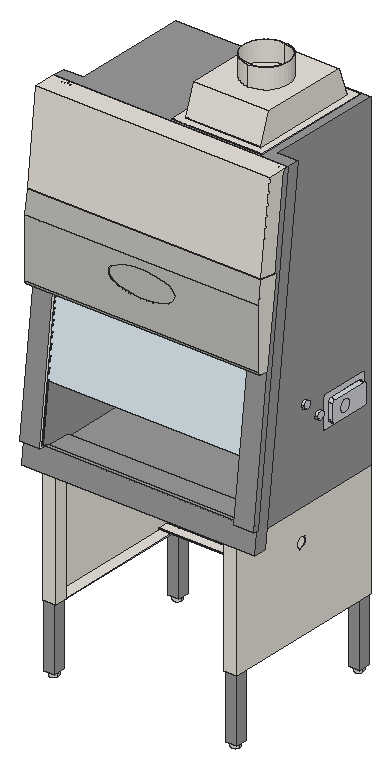
Revit family "NU-540(E)_230V Class II Type A2 BSC", category Mechanical Equipment, Revit 2018
Family settings
  Round Connector Dimension = Use Diameter
  Part Type = Normal
  OmniClass Number = 23.75.00.00
  OmniClass Title = Climate Control (HVAC)
  Work Plane-Based = No
  Always vertical = Yes
  Cut with Voids When Loaded = No
  Shared = No
  Room Calculation Point = No
Parameters (values of type "NU-540-300(E)")
  window width = 2' - 11 7/8"
  transition width = 1' - 1 3/8"
  transition depth = 1' - 7 1/8"
  exhaust ring inner = 0' - 3 15/16"
  exhaust door width = 1' - 1 3/16"
  crossbar = 2' - 10 9/64"
  Workzone Width = 2' - 10 3/8"
  Overall Width = 3' - 5 9/16"
  Model = "NU-540-300(E)"
  Manufacturer = "NuAire Inc."
  Exhaust Filter Width = 1' - 0 1/2"
  Exhaust Diameter = 0' - 8"
  Exhaust Center = 1' - 1"
  Description = "230V Class II, Type A2 Biological Safety Cabinet"
  Cabinet Width = 2' - 10 9/16"
  Cabinet Height = 4' - 10 7/8"
  Cabinet Depth = 2' - 6"
Types (5): name | window width | transition width | exhaust ring inner | exhaust door width | crossbar | Workzone Width | Overall Width | Model | Exhaust Filter Width | Exhaust Diameter | Exhaust Center | Cabinet Width | Cabinet Depth
  (no name) | 2' - 11 7/8" | 1' - 1 3/8" | 0' - 3 15/16" | 1' - 1 3/16" | 2' - 10 9/64" | 2' - 10 3/8" | 3' - 5 9/16" | "NU-540-300(E)" | 1' - 0 1/2" | 0' - 8" | 1' - 1" | 2' - 10 9/16" | 2' - 6"
  NU-540-600(E) | 5' - 11 7/8" | 2' - 11 3/8" | 0' - 4 15/16" | 2' - 7 3/16" | 5' - 10.1415" | 5' - 10 3/8" | 6' - 5 9/16" | "NU-540-600(E)" | 2' - 10 1/2" | 0' - 10" | 2' - 0" | 5' - 10 9/16" | 2' - 7 3/64"
  NU-540-500(E) | 4' - 11 7/8" | 2' - 5 3/8" | 0' - 4 15/16" | 2' - 7 3/16" | 4' - 10 9/64" | 4' - 10 3/8" | 5' - 5 9/16" | "NU-540-500(E)" | 2' - 4 1/2" | 0' - 10" | 1' - 9" | 4' - 10 9/16" | 2' - 6"
  NU-540-400(E) | 3' - 11 3/8" | 1' - 9 3/8" | 0' - 4 15/16" | 1' - 7 3/16" | 3' - 10 9/64" | 3' - 10 3/8" | 4' - 5 9/16" | "NU-540-400(E)" | 1' - 8 1/2" | 0' - 10" | 1' - 5" | 3' - 10 9/16" | 2' - 7 7/16"
  NU-540-300(E) | 2' - 11 7/8" | 1' - 1 3/8" | 0' - 3 15/16" | 1' - 1 3/16" | 2' - 10 9/64" | 2' - 10 3/8" | 3' - 5 9/16" | "NU-540-300(E)" | 1' - 0 1/2" | 0' - 8" | 1' - 1" | 2' - 10 9/16" | 2' - 6"
Reference planes (in)
  plane 1 "Center (Front/Back)": y = 0
  plane 2: z = 0
  plane 3 "Center (Left/Right)": x = 0
  plane 4: x = -17.28125
  plane 5: x = 17.28125
  plane 6: y = -30
  plane 7 "Cabinet Base": z = 32.5
  plane 8 "Cabinet Top": z = 91.375
  plane 9: x = -20.78125
  plane 10: x = 20.78125
  plane 11: z = 12
  plane 12: z = 36.5
  plane 13: z = 89.703
  plane 14: z = 0.75
  plane 15: z = 12.074
  plane 16: z = 12.25
  plane 17: z = 22.21875
  plane 18: x = -17.07031
  plane 19: x = 17.07031
  plane 20: x = -17.9375
  plane 21: x = 17.9375
  plane 22: z = 68.23219
  plane 23: x = 18.3125
  plane 24: x = 17.34375
  plane 25: z = 99.875
Forms (in)
  Extrusion 1, solid
    sketch origin (0, 0, 0) x (0, 1, 0) y (0, 0, 1)
      loop
        line (0, 32.5) -> (0, 91.375) -> (-22.77106, 91.375) -> (-30, 32.5) -> (0, 32.5)
    from -20.78125 to 20.78125
  Extrusion 2, void
    sketch origin (0, 0, 0) x (0, 1, 0) y (0, 0, 1)
      loop
        line (-20.6301, 91.375) -> (-27.85904, 32.5) -> (0, 32.5) -> (0, 91.375) -> (-20.6301, 91.375)
    from -20.78125 to -17.28125
  Extrusion 3, void
    sketch origin (0, 0, 0) x (0, 1, 0) y (0, 0, 1)
      loop
        line (-20.6301, 91.375) -> (-27.85904, 32.5) -> (0, 32.5) -> (0, 91.375) -> (-20.6301, 91.375)
    from 17.28125 to 20.78125
  Extrusion 4, void
    sketch origin (0, 0, 0) x (0, 1, 0) y (0, 0, 1)
      loop
        line (-29.50886, 36.5) -> (-28.88386, 36.5) -> (-28.88386, 36.1875) -> (-24.25886, 36.1875) -> (-24.25886, 35.6875) -> (-4.18074, 35.6875) -> (-4.18074, 63.9375) -> (-26.13996, 63.9375) -> (-29.50886, 36.5)
    from -17.1875 to 17.1875
  Extrusion 5, void
    sketch origin (0, 0, 91.375) x (1, 0, 0) y (0, -1, 0)
      loop
        line (13.98425, 2.047) -> (13.98425, 20.547) -> (1.48425, 20.547) -> (1.48425, 2.047) -> (13.98425, 2.047)
    from 0 to 1.672
  Extrusion 6, solid
    sketch origin (0, -30, 32.5) x (1, 0, 0) y (0, -1, 0)
      loop
        line (17.28125, -30) -> (17.28125, -0.29687) -> (14.96225, -0.29687) -> (14.96225, -2.54287) -> (17.13325, -2.54287) -> (17.13325, -27.754) -> (14.96225, -27.754) -> (14.96225, -30) -> (17.28125, -30)
      loop
        line (-17.28125, -30) -> (-14.96225, -30) -> (-14.96225, -27.754) -> (-17.13325, -27.754) -> (-17.13325, -2.54287) -> (-14.96225, -2.54287) -> (-14.96225, -0.29687) -> (-17.28125, -0.29687) -> (-17.28125, -30)
    from 0 to 20.5
  Extrusion 7, solid
    sketch origin (0, -30, 12) x (0, 1, 0) y (1, 0, 0)
      loop
        line (0.42187, -17.15625) -> (2.42187, -17.15625) -> (2.42187, -15.15625) -> (0.42187, -15.15625) -> (0.42187, -17.15625)
      loop
        line (0.42362, 17.15625) -> (0.42362, 15.15625) -> (2.42362, 15.15625) -> (2.42362, 17.15625) -> (0.42362, 17.15625)
      loop
        line (29.875, 17.15625) -> (27.875, 17.15625) -> (27.875, 15.15625) -> (29.875, 15.15625) -> (29.875, 17.15625)
      loop
        line (27.875, -17.15625) -> (29.875, -17.15625) -> (29.875, -15.15625) -> (27.875, -15.15625) -> (27.875, -17.15625)
    from 0 to 11.25
  Extrusion 8, solid
    sketch origin (0, -30, 0.75) x (-1, 0, 0) y (0, 1, 0)
      loop
        circle (16.15625, 1.40689) r 0.75
      loop
        circle (-16.15625, 1.42362) r 0.75
      loop
        circle (-16.15625, 28.875) r 0.75
      loop
        circle (16.15625, 28.875) r 0.75
    from 0 to 0.75
  Extrusion 9, void
    sketch origin (0, 0, 0) x (0, 1, 0) y (0, 0, 1)
      loop
        circle (-15.375, 27) r 1
    from -17.28125 to 17.28125
  Extrusion 10, solid
    sketch origin (0, -30, 12) x (0, 1, 0) y (1, 0, 0)
      loop
        line (2.54287, 17.13325) -> (2.54287, 14.96225) -> (27.754, 14.96225) -> (27.754, 17.13325) -> (2.54287, 17.13325)
      loop
        line (27.754, -14.96225) -> (2.54287, -14.96225) -> (2.54287, -17.13325) -> (27.754, -17.13325) -> (27.754, -14.96225)
    from 0 to -0.074
  Extrusion 11, solid
    sketch origin (0, 0, 0) x (0, 1, 0) y (0, 0, 1)
      loop
        line (-4.246, 22.21875) -> (-4.246, 22.09375) -> (-2.3085, 22.09375) -> (-2.3085, 12.375) -> (-4.246, 12.375) -> (-4.246, 12.25) -> (-2.246, 12.25) -> (-2.246, 22.21875) -> (-4.246, 22.21875)
    from -17.07031 to 17.07031
  Extrusion 12, solid
    sketch origin (0, 0, 0) x (0, 1, 0) y (0, 0, 1)
      loop
        line (-29.53701, 36.27075) -> (-22.77106, 91.375) -> (-23.59218, 91.375) -> (-30.34593, 36.37008) -> (-29.53701, 36.27075)
    from 17.28125 to 20.78125
  Extrusion 13, solid
    sketch origin (-20.78125, 0, 0) x (0, -1, 0) y (0, 0, 1)
      loop
        line (22.77106, 91.375) -> (29.53701, 36.27075) -> (30.34593, 36.37008) -> (23.59218, 91.375) -> (22.77106, 91.375)
    from 0 to -3.5
  Extrusion 14, void
    sketch origin (0, 0.01127, -0.00138) x (0, 1, 0) y (0, 0, 1)
      loop
        line (-29.63061, 36.53412) -> (-22.89683, 91.37638) -> (-23.3272, 91.37638) -> (-30.05459, 36.58618) -> (-29.63061, 36.53412)
    from -17.9375 to 17.9375
  Extrusion 15, solid
    sketch origin (0, 0, 0) x (0, 1, 0) y (0, 0, 1)
      loop
        line (-28.40065, 46.4582) -> (-24.84342, 75.3651) -> (-25.02951, 75.388) -> (-28.58675, 46.48105) -> (-28.40065, 46.4582)
    from -17.9375 to 17.9375
  Extrusion 16, solid
    sketch origin (0, 0, 0) x (0, 1, 0) y (0, 0, 1)
      loop
        line (-23.59218, 91.375) -> (-22.77106, 91.375) -> (-22.77106, 91.4375) -> (-26.85891, 91.4375) -> (-28.74501, 76.07644) -> (-25.51924, 75.68036) -> (-23.59218, 91.375)
      loop
        line (-25.53447, 75.5563) -> (-28.76025, 75.95237) -> (-29.24772, 71.98219) -> (-29.24772, 61.39724)
        arc (-29.24772, 61.39724) -> (-29.10651, 61.02451) -> (-28.75378, 60.83893) r 0.5625
        line (-28.75378, 60.83893) -> (-27.36251, 60.6681) -> (-25.53447, 75.5563)
    from -20.78125 to 20.78125
  Extrusion 17, void
    sketch origin (0, -29.24772, 71.98219) x (0, 0, 1) y (1, 0, 0)
      loop
        spline (-3.71919, -5.96875) -> (-3.10786, -5.76537) -> (-2.53819, -5.16909) -> (-2.049, -4.22054) -> (-1.67363, -2.98438) -> (-1.43767, -1.54483) -> (-1.35719, 0) -> (-1.43767, 1.54483) -> (-1.67363, 2.98437) -> (-2.049, 4.22054) -> (-2.53819, 5.16909) -> (-3.10786, 5.76537) -> (-3.71919, 5.96875)
        spline (-3.71919, 5.96875) -> (-4.33052, 5.76537) -> (-4.90019, 5.16909) -> (-5.38937, 4.22054) -> (-5.76474, 2.98437) -> (-6.0007, 1.54483) -> (-6.08119, 0) -> (-6.0007, -1.54483) -> (-5.76474, -2.98438) -> (-5.38937, -4.22054) -> (-4.90019, -5.16909) -> (-4.33052, -5.76537) -> (-3.71919, -5.96875)
    from 0 to 0.07687
  Extrusion 18, void
    sketch origin (0, 0, 0) x (0, 1, 0) y (0, 0, 1)
      loop
        circle (-11.846, 45.958) r 0.5
      loop
        circle (-14.842, 48.958) r 0.5
    from -17.28125 to 17.28125
  Extrusion 19, solid
    sketch origin (-0.214, 0, 0) x (0, 1, 0) y (0, 0, 1)
      loop
        arc (-10.1875, 48.25) -> (-10.36428, 48.17678) -> (-10.4375, 48) r 0.25
        line (-10.4375, 48) -> (-10.4375, 43)
        arc (-10.4375, 43) -> (-10.36428, 42.82322) -> (-10.1875, 42.75) r 0.25
        line (-10.1875, 42.75) -> (-1.6875, 42.75)
        arc (-1.6875, 42.75) -> (-1.51072, 42.82322) -> (-1.4375, 43) r 0.25
        line (-1.4375, 43) -> (-1.4375, 48)
        arc (-1.4375, 48) -> (-1.51072, 48.17678) -> (-1.6875, 48.25) r 0.25
        line (-1.6875, 48.25) -> (-10.1875, 48.25)
      loop
        arc (-9.0625, 47.375) -> (-9.41605, 47.22855) -> (-9.5625, 46.875) r 0.5
        line (-9.5625, 46.875) -> (-9.5625, 44.125)
        arc (-9.5625, 44.125) -> (-9.41605, 43.77145) -> (-9.0625, 43.625) r 0.5
        line (-9.0625, 43.625) -> (-2.8125, 43.625)
        arc (-2.8125, 43.625) -> (-2.45895, 43.77145) -> (-2.3125, 44.125) r 0.5
        line (-2.3125, 44.125) -> (-2.3125, 46.875)
        arc (-2.3125, 46.875) -> (-2.45895, 47.22855) -> (-2.8125, 47.375) r 0.5
        line (-2.8125, 47.375) -> (-9.0625, 47.375)
    from 17.49525 to 17.55775
  Extrusion 20, solid
    sketch origin (17.28125, 0, 0) x (0, 1, 0) y (0, 0, 1)
      loop
        arc (-9.0625, 47.375) -> (-9.41605, 47.22855) -> (-9.5625, 46.875) r 0.5
        line (-9.5625, 46.875) -> (-9.5625, 44.125)
        arc (-9.5625, 44.125) -> (-9.41605, 43.77145) -> (-9.0625, 43.625) r 0.5
        line (-9.0625, 43.625) -> (-2.8125, 43.625)
        arc (-2.8125, 43.625) -> (-2.45895, 43.77145) -> (-2.3125, 44.125) r 0.5
        line (-2.3125, 44.125) -> (-2.3125, 46.875)
        arc (-2.3125, 46.875) -> (-2.45895, 47.22855) -> (-2.8125, 47.375) r 0.5
        line (-2.8125, 47.375) -> (-9.0625, 47.375)
    from 0 to 1.03125
  Extrusion 21, void
    sketch origin (0, 0, 0) x (0, 1, 0) y (0, 0, 1)
      loop
        circle (-6.9375, 45.5) r 1.12448
    from 18.20767 to 18.3125
  Extrusion 22, solid
    sketch origin (1.48425, -3.8441, 96.375) x (0, -1, 0) y (1, 0, 0)
      loop
        circle (7.4684, 6.297) r 4
      loop
        circle (7.4684, 6.297) r 3.9375
    from 0 to 3.5
  Extrusion 23, solid
    sketch origin (0, 0, 91.375) x (0, -1, 0) y (1, 0, 0)
      loop
        line (1.7345, 1.04675) -> (20.8595, 1.04675) -> (20.8595, 14.42175) -> (1.7345, 14.42175) -> (1.7345, 1.04675)
      loop
        line (0.3595, -0.32825) -> (22.2345, -0.32825) -> (22.2345, 15.79675) -> (0.3595, 15.79675) -> (0.3595, -0.32825)
    from 0 to 0.0625
  Extrusion 24, solid
    sketch origin (0, 0, 0) x (0, 1, 0) y (0, 0, 1)
      loop
        line (-20.8595, 91.375) -> (-1.7345, 91.375) -> (-1.7345, 91.4375) -> (-3.5316, 96.375) -> (-19.0624, 96.375) -> (-20.8595, 91.4375) -> (-20.8595, 91.375)
    from 1.04675 to 14.42175
  Extrusion 25, solid
    sketch origin (0, -20.6301, 91.375) x (0, -0.121869, -0.992546) y (-1, 0, 0)
      loop
        circle (57.52663, 18.96723) r 0.5
    from 0 to 0.0987
  Extrusion 26, solid
    sketch origin (0, 0, 0) x (0, 1, 0) y (0, 0, 1)
      loop
        circle (-11.846, 45.958) r 0.625
      loop
        circle (-14.846, 48.954) r 0.625
    from 17.28125 to 17.9375
  Extrusion 27, solid
    sketch origin (-17.28125, 0, 0) x (0, -1, 0) y (0, 0, 1)
      loop
        circle (14.84766, 48.954) r 0.625
      loop
        circle (11.846, 45.95312) r 0.625
    from 0 to 0.65625
Cuts and joins
  Extrusion 2, Extrusion 3, Extrusion 4, Extrusion 5, Extrusion 17, Extrusion 18 cuts Extrusion 1
  Extrusion 9 cuts Extrusion 6
  Extrusion 14, Extrusion 18 cuts Extrusion 13
  Extrusion 14 cuts Extrusion 12
  Extrusion 17 cuts Extrusion 15
  Extrusion 17 cuts Extrusion 16
  Extrusion 21 cuts Extrusion 20
  joined: Extrusion 19, Extrusion 20
Dimensions and locks (in)
  equal spacing: plane 4, plane 3 "Center (Left/Right)", plane 5
  "Cabinet Width": plane 4 to plane 5
  "Cabinet Depth": plane 1 "Center (Front/Back)" to plane 6
  "Cabinet Height": plane 8 "Cabinet Top" to plane 7 "Cabinet Base"
  equal spacing: plane 10, plane 3 "Center (Left/Right)", plane 9
  "Overall Width": plane 10 to plane 9
  plane 7 "Cabinet Base" to Extrusion 1 = 4' - 10 7/8"
  locked: Extrusion 2 sketch curve to Extrusion 1 at 2.125
  Extrusion 2 to plane 7 "Cabinet Base" = 4' - 10 7/8"
  locked: cut or joined group of Extrusion 1, Extrusion 2, Extrusion 3, Extrusion 4, Extrusion 5, Extrusion 17, Extrusion 18 to Extrusion 3 sketch curve at 2.125
  Extrusion 3 to plane 7 "Cabinet Base" = 4' - 10 7/8"
  plane 7 "Cabinet Base" to level = 2' - 8 1/2"
  equal spacing: cut or joined group of Extrusion 1, Extrusion 2, Extrusion 3, Extrusion 4, Extrusion 5, Extrusion 17, Extrusion 18, plane 3 "Center (Left/Right)", cut or joined group of Extrusion 1, Extrusion 2, Extrusion 3, Extrusion 4, Extrusion 5, Extrusion 17, Extrusion 18
  "Workzone Width": cut or joined group of Extrusion 1, Extrusion 2, Extrusion 3, Extrusion 4, Extrusion 5, Extrusion 17, Extrusion 18 to cut or joined group of Extrusion 1, Extrusion 2, Extrusion 3, Extrusion 4, Extrusion 5, Extrusion 17, Extrusion 18
  locked: Extrusion 5 sketch curve to plane 5 at 3.297
  "Exhaust Filter Width": Extrusion 5 sketch curve to Extrusion 5 sketch curve
  locked: Extrusion 5 sketch curve to plane 1 "Center (Front/Back)" at 2.047
  Extrusion 5 sketch curve to Extrusion 5 sketch curve = 1' - 6 1/2"
  locked: Extrusion 6 to Extrusion 7 sketch curve at 0.125
  locked: Extrusion 7 sketch curve to Extrusion 6 at 0.125  (x4)
  Extrusion 7 sketch curve to Extrusion 7 sketch curve = 0' - 2"  (x8)
  Extrusion 6 to Extrusion 7 sketch curve = 0' - 0 1/8"  (x2)
  Extrusion 6 to Extrusion 7 sketch curve = 0' - 0.12674"
  Extrusion 8 sketch curve to Extrusion 7 = 0' - 1"  (x2)
  Extrusion 7 to Extrusion 8 sketch curve = 0' - 0.98502"
  Extrusion 7 to Extrusion 8 sketch curve = 0' - 1"  (x5)
  Extrusion 6 to Extrusion 9 sketch curve = 0' - 5 1/2"
  Extrusion 6 to Extrusion 9 sketch curve = 1' - 3 3/8"
  equal spacing: plane 19, plane 3 "Center (Left/Right)", plane 18
  "crossbar": plane 19 to plane 18
  cut or joined group of Extrusion 1, Extrusion 2, Extrusion 3, Extrusion 4, Extrusion 5, Extrusion 17, Extrusion 18 to Extrusion 12 sketch curve = 0' - 0.815"
  Extrusion 13 to Extrusion 14 sketch curve = 0' - 0.11365"
  Extrusion 14 sketch curve to Extrusion 14 sketch curve = 0' - 0.42716"
  Extrusion 13 to Extrusion 14 sketch curve = 0' - 0 1/4"
  equal spacing: plane 21, plane 3 "Center (Left/Right)", plane 20
  "window width": plane 21 to plane 20
  cut or joined group of Extrusion 13, Extrusion 14, Extrusion 18 to Extrusion 15 sketch curve to Extrusion 15 sketch curve = 0' - 10", 2' - 5 1/8" locked
  equal spacing: Extrusion 15, plane 3 "Center (Left/Right)", Extrusion 15
  "window width": Extrusion 15 to Extrusion 15
  locked: Extrusion 16 sketch curve to Extrusion 16 sketch curve at 15
  locked: Extrusion 16 sketch curve to Extrusion 16 sketch curve at 4
  Extrusion 16 sketch curve to Extrusion 16 sketch curve = 2' - 6 15/16"
  equal spacing: Extrusion 16, plane 3 "Center (Left/Right)", Extrusion 16
  "Overall Width": Extrusion 16 to Extrusion 16
  equal spacing: plane 10, Extrusion 17 sketch curve, plane 9
  Extrusion 18 sketch curve to cut or joined group of Extrusion 1, Extrusion 2, Extrusion 3, Extrusion 4, Extrusion 5, Extrusion 17, Extrusion 18 = 1' - 2.842"
  Extrusion 18 sketch curve to cut or joined group of Extrusion 6, Extrusion 9 = 1' - 1.458"
  Extrusion 18 sketch curve to cut or joined group of Extrusion 6, Extrusion 9 = 1' - 4.458"
  Extrusion 19 sketch curve to cut or joined group of Extrusion 1, Extrusion 2, Extrusion 3, Extrusion 4, Extrusion 5, Extrusion 17, Extrusion 18 = 0' - 1 7/16"
  Extrusion 19 sketch curve to Extrusion 19 sketch curve = 0' - 9"
  Extrusion 19 sketch curve to cut or joined group of Extrusion 6, Extrusion 9 = 0' - 10 1/4"
  Extrusion 19 sketch curve to Extrusion 19 sketch curve = 0' - 5 1/2"
  Extrusion 19 sketch curve to Extrusion 19 sketch curve = 0' - 3 3/4"
  Extrusion 19 sketch curve to Extrusion 19 sketch curve = 0' - 7 1/4"
  Extrusion 19 sketch curve to Extrusion 19 sketch curve = 0' - 0 7/8"
  plane 10 to plane 23 to cut or joined group of Extrusion 1, Extrusion 2, Extrusion 3, Extrusion 4, Extrusion 5, Extrusion 17, Extrusion 18 = 0' - 2 15/32" locked, 0' - 1 1/32" locked
  Extrusion 21 sketch curve to cut or joined group of Extrusion 6, Extrusion 9 = 1' - 1"
  Extrusion 21 sketch curve to cut or joined group of Extrusion 1, Extrusion 2, Extrusion 3, Extrusion 4, Extrusion 5, Extrusion 17, Extrusion 18 = 0' - 6 15/16"
  plane 23 to plane 24 to cut or joined group of Extrusion 19, Extrusion 20, Extrusion 21 = 0' - 0 31/32" locked, 0' - 0 1/16" locked
  locked: cut or joined group of Extrusion 19, Extrusion 20, Extrusion 21 to cut or joined group of Extrusion 19, Extrusion 20, Extrusion 21 at 0.10483
  locked: cut or joined group of Extrusion 1, Extrusion 2, Extrusion 3, Extrusion 4, Extrusion 5, Extrusion 17, Extrusion 18 to plane 23 at 1.03125
  "Exhaust Center": Extrusion 22 sketch curve to cut or joined group of Extrusion 1, Extrusion 2, Extrusion 3, Extrusion 4, Extrusion 5, Extrusion 17, Extrusion 18
  cut or joined group of Extrusion 1, Extrusion 2, Extrusion 3, Extrusion 4, Extrusion 5, Extrusion 17, Extrusion 18 to Extrusion 22 sketch curve = 0' - 11 5/16"
  "transition width": Extrusion 23 sketch curve to Extrusion 23 sketch curve
  "transition depth": Extrusion 23 sketch curve to Extrusion 23 sketch curve
  locked: Extrusion 23 sketch curve to cut or joined group of Extrusion 1, Extrusion 2, Extrusion 3, Extrusion 4, Extrusion 5, Extrusion 17, Extrusion 18 at 0.3125
  cut or joined group of Extrusion 1, Extrusion 2, Extrusion 3, Extrusion 4, Extrusion 5, Extrusion 17, Extrusion 18 to Extrusion 23 sketch curve = 0' - 0 7/16"
  locked: Extrusion 23 sketch curve to cut or joined group of Extrusion 1, Extrusion 2, Extrusion 3, Extrusion 4, Extrusion 5, Extrusion 17, Extrusion 18 at 0.4375
  locked: Extrusion 23 sketch curve to Extrusion 23 sketch curve at 1.375  (x3)
  locked: Extrusion 23 sketch curve to Extrusion 23 sketch curve at 21.875
  Extrusion 25 sketch curve to cut or joined group of Extrusion 1, Extrusion 2, Extrusion 3, Extrusion 4, Extrusion 5, Extrusion 17, Extrusion 18 = 0' - 1.79051"
  cut or joined group of Extrusion 1, Extrusion 2, Extrusion 3, Extrusion 4, Extrusion 5, Extrusion 17, Extrusion 18 to Extrusion 25 sketch curve = 0' - 1.81402"
  Extrusion 18 sketch curve to cut or joined group of Extrusion 1, Extrusion 2, Extrusion 3, Extrusion 4, Extrusion 5, Extrusion 17, Extrusion 18 = 0' - 11.846"
  Extrusion 26 sketch curve to cut or joined group of Extrusion 6, Extrusion 9 = 1' - 1.458"
  Extrusion 26 sketch curve to cut or joined group of Extrusion 6, Extrusion 9 = 1' - 4.454"
  Extrusion 26 sketch curve to cut or joined group of Extrusion 1, Extrusion 2, Extrusion 3, Extrusion 4, Extrusion 5, Extrusion 17, Extrusion 18 = 0' - 11.846"
  Extrusion 26 sketch curve to cut or joined group of Extrusion 1, Extrusion 2, Extrusion 3, Extrusion 4, Extrusion 5, Extrusion 17, Extrusion 18 = 1' - 2.846"
  Extrusion 27 sketch curve to cut or joined group of Extrusion 6, Extrusion 9 = 1' - 1 29/64"
  Extrusion 27 sketch curve to cut or joined group of Extrusion 6, Extrusion 9 = 1' - 4.454"
  cut or joined group of Extrusion 1, Extrusion 2, Extrusion 3, Extrusion 4, Extrusion 5, Extrusion 17, Extrusion 18 to Extrusion 27 sketch curve = 0' - 11.846"
  cut or joined group of Extrusion 1, Extrusion 2, Extrusion 3, Extrusion 4, Extrusion 5, Extrusion 17, Extrusion 18 to Extrusion 27 sketch curve = 1' - 2 217/256"
  "Exhaust Diameter": diameter of Extrusion 22 sketch curve
  "exhaust ring inner": radius of Extrusion 22 sketch curve
  locked: plane 6 to Extrusion 1 sketch curve (angle 7.00°)
  aligned and locked: level to plane 2
  aligned and locked: plane 1 "Center (Front/Back)" to Extrusion 1 sketch curve
  aligned and locked: plane 8 "Cabinet Top" to Extrusion 1 sketch curve
  aligned and locked: plane 7 "Cabinet Base" to Extrusion 1 sketch curve
  aligned and locked: Extrusion 1 to plane 9
  aligned and locked: Extrusion 1 to plane 10
  aligned and locked: Extrusion 2 sketch curve to Extrusion 1  (x3)
  aligned and locked: Extrusion 2 to plane 9
  aligned and locked: plane 4 to Extrusion 2
  aligned and locked: cut or joined group of Extrusion 1, Extrusion 2, Extrusion 3, Extrusion 4, Extrusion 5, Extrusion 17, Extrusion 18 to Extrusion 3 sketch curve  (x2)
  aligned and locked: Extrusion 3 sketch curve to cut or joined group of Extrusion 1, Extrusion 2, Extrusion 3, Extrusion 4, Extrusion 5, Extrusion 17, Extrusion 18
  aligned and locked: Extrusion 3 to plane 10
  aligned and locked: Extrusion 3 to plane 5
  aligned and locked: Extrusion 5 to plane 13
  aligned and locked: Extrusion 6 to plane 11
  aligned and locked: Extrusion 6 to plane 7 "Cabinet Base"
  aligned and locked: plane 14 to Extrusion 7
  aligned and locked: Extrusion 8 to level
  aligned and locked: plane 5 to Extrusion 9
  aligned and locked: Extrusion 9 to plane 4
  aligned and locked: Extrusion 10 sketch curve to cut or joined group of Extrusion 6, Extrusion 9  (x8)
  aligned and locked: plane 15 to Extrusion 10
  aligned and locked: Extrusion 11 to plane 18
  aligned and locked: plane 19 to Extrusion 11
  aligned and locked: plane 8 "Cabinet Top" to Extrusion 12 sketch curve
  aligned and locked: Extrusion 12 to plane 10
  aligned and locked: Extrusion 12 to plane 5
  aligned and locked: plane 8 "Cabinet Top" to Extrusion 13 sketch curve
  aligned and locked: cut or joined group of Extrusion 1, Extrusion 2, Extrusion 3, Extrusion 4, Extrusion 5, Extrusion 17, Extrusion 18 to Extrusion 13 sketch curve
  aligned and locked: Extrusion 13 sketch curve to Extrusion 12  (x2)
  aligned and locked: plane 4 to Extrusion 13
  aligned and locked: Extrusion 14 to plane 20
  aligned and locked: Extrusion 14 to plane 21
  aligned and locked: Extrusion 14 to plane 8 "Cabinet Top"
  aligned and locked: plane 5 to Extrusion 18
  aligned and locked: Extrusion 18 to plane 4
  aligned and locked: Extrusion 19 to plane 5
  aligned and locked: Extrusion 19 to Extrusion 20 sketch curve  (x4)
  aligned and locked: Extrusion 20 to plane 23
  aligned and locked: Extrusion 21 to plane 23
  aligned and locked: Extrusion 20 to plane 5
  aligned and locked: Extrusion 19 to plane 24
  aligned and locked: plane 25 to Extrusion 22
  aligned and locked: cut or joined group of Extrusion 16, Extrusion 17 to Extrusion 23
  aligned and locked: Extrusion 24 sketch curve to Extrusion 23  (x3)
  aligned and locked: Extrusion 24 to Extrusion 23  (x2)
  aligned and locked: Extrusion 22 to Extrusion 24
  aligned and locked: Extrusion 26 to plane 5
  aligned and locked: Extrusion 27 to plane 20
  aligned and locked: plane 21 to Extrusion 26
Automatic sketch dimensions
  Extrusion 1 sketch curve to plane 6 = 0' - 0"
  plane 12 to Extrusion 4 sketch curve = 0' - 0"
  plane 6 to Extrusion 4 sketch curve = 0' - 0.49114"
  plane 12 to Extrusion 4 sketch curve = 0' - 0 5/16"
  Extrusion 4 sketch curve to Extrusion 4 sketch curve = 0' - 0 5/8"
  plane 6 to Extrusion 4 sketch curve = 0' - 3.86004"
  plane 12 to Extrusion 4 sketch curve = 0' - 0 13/16"
  Extrusion 4 sketch curve to Extrusion 4 sketch curve = 0' - 4 5/8"
  plane 1 "Center (Front/Back)" to Extrusion 4 sketch curve = 0' - 4.18074"
  Extrusion 4 sketch curve to plane 13 = 2' - 1.7655"
  Extrusion 1 to Extrusion 6 sketch curve = 0' - 0"  (x2)
  Extrusion 6 sketch curve to Extrusion 1 = 0' - 3 1/2"
  Extrusion 6 sketch curve to Extrusion 6 sketch curve = 0' - 0.148"  (x2)
  Extrusion 6 sketch curve to Extrusion 6 sketch curve = 0' - 2.171"  (x3)
  Extrusion 1 to Extrusion 6 sketch curve = 0' - 2.246"  (x2)
  Extrusion 6 sketch curve to Extrusion 1 = 0' - 5.819"  (x2)
  Extrusion 6 sketch curve to Extrusion 1 = 0' - 0 19/64"  (x2)
  Extrusion 6 sketch curve to Extrusion 6 sketch curve = 0' - 2.246"  (x2)
  Extrusion 11 sketch curve to plane 17 = 0' - 0"
  Extrusion 11 sketch curve to plane 16 = 0' - 0"
  plane 1 "Center (Front/Back)" to Extrusion 11 sketch curve = 0' - 4.246"  (x2)
  plane 16 to Extrusion 11 sketch curve = 0' - 0 1/8"
  Extrusion 11 sketch curve to Extrusion 11 sketch curve = 0' - 1 15/16"
  Extrusion 11 sketch curve to Extrusion 11 sketch curve = 0' - 0 1/16"
  Extrusion 11 sketch curve to Extrusion 11 sketch curve = 0' - 0 1/8"
  plane 6 to Extrusion 12 sketch curve = 0' - 0.46299"
  Extrusion 12 sketch curve to plane 6 = 0' - 0.34593"
  plane 8 "Cabinet Top" to Extrusion 14 sketch curve = 0' - 0"
  Extrusion 15 sketch curve to Extrusion 15 sketch curve = 0' - 0.1861"
  plane 6 to Extrusion 15 sketch curve = 0' - 1.41325"
  plane 6 to Extrusion 15 sketch curve = 0' - 4.97049"
  level to Extrusion 15 sketch curve = 6' - 3.3651"
  plane 8 "Cabinet Top" to Extrusion 16 sketch curve = 0' - 0"
  Extrusion 16 sketch curve to Extrusion 16 sketch curve = 0' - 0.01523"  (x2)
  Extrusion 16 sketch curve to Extrusion 16 sketch curve = 0' - 1.39126"
  Extrusion 16 sketch curve to plane 8 "Cabinet Top" = 0' - 0 1/16"
  Extrusion 16 sketch curve to Extrusion 16 sketch curve = 0' - 0.82112"
  Extrusion 16 sketch curve to Extrusion 16 sketch curve = 0' - 0.12407"
  plane 6 to Extrusion 16 sketch curve = 0' - 0.75228"
  plane 6 to Extrusion 16 sketch curve = 0' - 1.23975"
  Extrusion 16 sketch curve to Extrusion 16 sketch curve = 0' - 0.49395"
  plane 6 to Extrusion 16 sketch curve = 0' - 3.14109"
  Extrusion 17 sketch curve to Extrusion 16 = 0' - 3.71919"
  Extrusion 17 sketch curve to Extrusion 17 sketch curve = 0' - 5 31/32"
  Extrusion 19 sketch curve to Extrusion 19 sketch curve = 0' - 0 1/4"  (x4)
  Extrusion 19 sketch curve to Extrusion 19 sketch curve = 0' - 0 5/8"
  Extrusion 19 sketch curve to Extrusion 19 sketch curve = 0' - 0 1/2"  (x4)
  Extrusion 20 sketch curve to Extrusion 20 sketch curve = 0' - 0 1/2"  (x4)
  Extrusion 24 sketch curve to plane 25 = 0' - 3 1/2"
  Extrusion 24 sketch curve to Extrusion 24 sketch curve = 0' - 1.7971"
  plane 1 "Center (Front/Back)" to Extrusion 24 sketch curve = 0' - 3.5316"
  Extrusion 24 sketch curve to plane 8 "Cabinet Top" = 0' - 0 1/16"  (x2)
  Extrusion 22 sketch curve to Extrusion 22 sketch curve = 0' - 0"  (x2)
  radius of Extrusion 8 sketch curve = 0' - 0 3/4"  (x4)
  radius of Extrusion 9 sketch curve = 0' - 1"
  radius of Extrusion 18 sketch curve = 0' - 0 1/2"  (x2)
  radius of Extrusion 21 sketch curve = 0' - 1.12448"
  radius of Extrusion 25 sketch curve = 0' - 0 1/2"
  radius of Extrusion 26 sketch curve = 0' - 0 5/8"  (x2)
  radius of Extrusion 27 sketch curve = 0' - 0 5/8"  (x2)
Connectors (in)
  hvac at (7.78125, -11.3125, 99.875), driven by "Exhaust Diameter"
    settings: on Extrusion 22, index 1, duct flow 0 CFM, flow factor 0, pres drop 0.00 in-wg, loss coef 0, conn angle 0.00°, conn width 12", conn height 12", conn diameter 8", duct sys type 3, conn prof type 0, flow config 0, flow direction 2, loss method 0, conn ref index -1, conn util no, is conn primary yes, conn desc ""
  piping at (17.9375, -11.846, 45.958), diameter 0.875
    settings: on Extrusion 26, index 2, connector inside diameter 24", connector length 0' - 0", flow factor 0, pipe flow 0 GPM, pressure drop 0.00 psi, fitting loss kfactor 0, connector angle 0.00°, fixture units 0, engagement length 0' - 0", angle of deflection 0.00°, flow configuration 0, flow direction 1, fitting loss method 0, system type 28, joint type 0, gender type 0, connector reference index -1, connector utility 0, adjustable connector no, is connector primary yes, connector description ""
  piping at (17.9375, -14.846, 48.954), diameter 0.875
    settings: on Extrusion 26, index 3, connector inside diameter 24", connector length 0' - 0", flow factor 0, pipe flow 0 GPM, pressure drop 0.00 psi, fitting loss kfactor 0, connector angle 0.00°, fixture units 0, engagement length 0' - 0", angle of deflection 0.00°, flow configuration 0, flow direction 0, fitting loss method 0, system type 28, joint type 0, gender type 0, connector reference index -1, connector utility 0, adjustable connector no, is connector primary no, connector description ""
  electrical at (-18.96723, -27.54287, 34.26514)
    settings: on Extrusion 25, index 4, voltage 230 V, apparent load 0 VA, apparent load phase1 0 VA, apparent load phase2 0 VA, apparent load phase3 0 VA, power factor 1, load classification "Power", number of poles 2, system type 31, power factor state 1, is connector primary yes, connector utility yes, sub classification motor no, connector description ""
